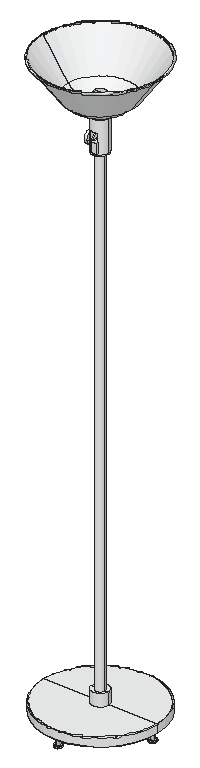
Revit family "Indoor_Floor Lamp_Santa&Cole_GATCPAC", category Luminarias, Revit 2018
Family settings
  Cota de conector redondo = Diámetro de uso
  Tipo de pieza = Normal
  Número OmniClass = 23.80.70.00
  Título OmniClass = Lighting
  Se basa en plano de trabajo = No
  Siempre vertical = Sí
  Corte con vacíos al cargar = No
  Origen de luz = Sí
  Compartido = No
  Punto de cálculo de habitación = No
Parameters
  Tilt Angle = 90.00°
  Wattage = 7.40531 W
  Technical Information = "https://www.santacole.com/recursos/productos/downloads/pdf_espec_tecnicas/GATCPAC_technical%20information.pdf"
  built-in parameter 1150110 = 1 (stored number, unit not read)
  URL = "https://www.santacole.com/en/catalogue/floor-lamps/gatcpac"
  Manufacturer website = "http://www.santacole.com"
  built-in parameter 1114217 = 1 (stored number, unit not read)
  built-in parameter 1150109 = 1 (stored number, unit not read)
  Energy Label = "https://www.santacole.com/recursos/productos/downloads/pdf_energy_label/Energy%20Label_GATPAC_without_bulb.pdf"
  Designed by = "Josep Torres Clavé. 1931"
  Contact phone = "+34.938.619.100"
  Contact e-mail = "info@santacole.com"
  built-in parameter 1150134 = (empty or 0)
  built-in parameter 1150113 = 1 (stored number, unit not read)
  Modelo = "GATCPAC"
  Fabricante = "Santa & Cole"
  Lumens = 1100 lm
  built-in parameter 1150115 = 1 (stored number, unit not read)
  built-in parameter 1150105 = 87.535 (stored number, unit not read)
  Load = 17 W
  built-in parameter 1150137 = (empty or 0)
  built-in parameter 1150139 = (empty or 0)
  built-in parameter 1150112 = 1 (stored number, unit not read)
  built-in parameter 1150114 = 1 (stored number, unit not read)
  Lamp = ""
  built-in parameter 1150132 = 2
  built-in parameter 1150102 = (empty or 0)
  built-in parameter 1150138 = (empty or 0)
  built-in parameter 1150107 = 2700 (stored number, unit not read)
  built-in parameter 1150106 = 0.87535 (stored number, unit not read)
  built-in parameter 1150104 = 13.8 (stored number, unit not read)
  Code = "TLC02"
  Dimming Lamp Color Temperature Shift = (empty or 0)
  Color Filter = 16777215
  built-in parameter 1114218 = 1 (stored number, unit not read)
  Assembly instructions - UL = "https://www.santacole.com/recursos/productos/downloads/pdf_montaje/GATCPAC_UL_im.pdf"
  Assembly instructions - CE = "https://www.santacole.com/recursos/productos/downloads/pdf_montaje/GATCPAC_im.pdf"
  Archivo de red fotométrica = "TLC02.IES"
  built-in parameter 1150133 = 10 (stored number, unit not read)
  Apparent Load = 17 VA
Reference planes
  plane 1 "Light Source Axis (F/B)": y = 0
  plane 2: z = 0
  plane 3 "Light Source Axis (L/R)": x = 0
  plane 4 "Light Source Elevation": z = 2000
Forms (mm)
  Revolve 1, solid
    sketch origin (0, 0, 0) x (1, 0, 0) y (0, 0, 1)
      loop
        line (-189, 25.5) -> (-189, 8.5) -> (-188, 8.5) -> (-195.072, 5.671)
        arc (-195.072, 5.671) -> (-195.383, 5.421) -> (-195.5, 5.039) r 0.681
        line (-195.5, 5.039) -> (-195.5, 1.8) -> (-194.7, 1.8) -> (-194.7, 0) -> (-183, 0) -> (-183, 25.5) -> (-189, 25.5)
      axis (-183, 25.5) -> (-183, 0)
    angle from 0 to 360
  Revolve 2, solid
    sketch origin (0, 0, 0) x (-1, 0, 0) y (0, 0, 1)
      loop
        line (-189, 25.5) -> (-189, 8.5) -> (-188, 8.5) -> (-195.072, 5.671)
        arc (-195.072, 5.671) -> (-195.383, 5.421) -> (-195.5, 5.039) r 0.681
        line (-195.5, 5.039) -> (-195.5, 1.8) -> (-194.7, 1.8) -> (-194.7, 0) -> (-183, 0) -> (-183, 25.5) -> (-189, 25.5)
      axis (-183, 25.5) -> (-183, 0)
    angle from 0 to 360
  Revolve 3, solid
    sketch origin (0, 0, 0) x (0, 1, 0) y (0, 0, 1)
      loop
        line (-189, 25.5) -> (-189, 8.5) -> (-188, 8.5) -> (-195.072, 5.671)
        arc (-195.072, 5.671) -> (-195.383, 5.421) -> (-195.5, 5.039) r 0.681
        line (-195.5, 5.039) -> (-195.5, 1.8) -> (-194.7, 1.8) -> (-194.7, 0) -> (-183, 0) -> (-183, 25.5) -> (-189, 25.5)
      axis (-183, 25.5) -> (-183, 0)
    angle from 0 to 360
  Revolve 4, solid
    sketch origin (0, 0, 0) x (0, -1, 0) y (0, 0, -1)
      loop
        line (-189, -25.5) -> (-183, -25.5) -> (-183, 0) -> (-194.7, 0) -> (-194.7, -1.8) -> (-195.5, -1.8) -> (-195.5, -5.039)
        arc (-195.5, -5.039) -> (-195.383, -5.421) -> (-195.072, -5.671) r 0.681
        line (-195.072, -5.671) -> (-188, -8.5) -> (-189, -8.5) -> (-189, -25.5)
      axis (-183, -25.5) -> (-183, 0)
    angle from 0 to 360
  Revolve 5, solid, material "Santa & Cole - Polished Aluminium"
    sketch origin (0, 0, 0) x (1, 0, 0) y (0, 0, 1)
      loop
        arc (-198.3, 59.5) -> (-199.502, 59.002) -> (-200, 57.8) r 1.7
        line (-200, 57.8) -> (-200, 30.5) -> (-195, 30.5) -> (-195, 25.5) -> (0, 25.5) -> (0, 1779.5) -> (-16, 1779.5) -> (-16, 99.5) -> (-29, 99.5) -> (-29, 59.5) -> (-198.3, 59.5)
      axis (0, 1779.5) -> (0, 25.5)
    angle from 0 to 360
  Revolve 6, solid, material "Santa & Cole - Polished Aluminium"
    sketch origin (0, 0, 0) x (1, 0, 0) y (0, 0, 1)
      loop
        line (-45, 1910.5) -> (-45, 1902.5) -> (-28, 1897.5) -> (-28, 1784.5) -> (0, 1784.5) -> (0, 1865.5) -> (-20, 1865.5) -> (-20, 1903.147) -> (-45, 1910.5)
      axis (0, 1784.5) -> (0, 1910.5)
    angle from 0 to 360
  Revolve 7, solid, material "Santa & Cole - Polished Aluminium"
    sketch origin (0, 0, 0) x (1, 0, 0) y (0, 0, 1)
      loop
        line (-113.09, 1951.752) -> (-200.471, 2073.062)
        arc (-200.471, 2073.062) -> (-204.998, 2071.7) -> (-200.594, 2069.984) r 2.5
        line (-200.594, 2069.984) -> (-201.356, 2070.631)
        arc (-201.356, 2070.631) -> (-203.999, 2071.66) -> (-201.283, 2072.478) r 1.5
        line (-201.283, 2072.478) -> (-113.853, 1951.101)
        arc (-113.853, 1951.101) -> (-70.66, 1920.566) -> (-20, 1905.345) r 164.244
        line (-20, 1905.345) -> (-20, 1906.353)
        arc (-20, 1906.353) -> (-70.241, 1921.474) -> (-113.09, 1951.752) r 163.245
      axis (0, 1905.345) -> (0, 2073.062)
    angle from 0 to 360
  Revolve 8, solid
    sketch origin (0, 0, 0) x (1, 0, 0) y (0, 0, 1)
      loop
        line (-19.15, 1964.353) -> (-19.15, 1922.053) -> (-17.35, 1920.853)
        arc (-17.35, 1920.853) -> (-15.547, 1912.783) -> (-10.35, 1906.353) r 18.139
        line (-10.35, 1906.353) -> (0, 1906.353) -> (0, 1964.353) -> (-19.15, 1964.353)
      axis (0, 1906.353) -> (0, 1964.353)
    angle from 0 to 360
  Extrusion 9, void
    sketch origin (0, 0, 0) x (1, 0, 0) y (0, 0, 1)
      loop
        line (-12, 1779.5) -> (12, 1779.5) -> (12, 1852.5) -> (-12, 1852.5) -> (-12, 1779.5)
    from -40 to 40
  Revolve 10, solid, material "Santa & Cole - Polished Aluminium"
    sketch origin (0, 0, 0) x (1, 0, 0) y (0, 0, 1)
      loop
        line (-28, 1784.5) -> (-28, 1779.5) -> (0, 1779.5) -> (0, 1784.5) -> (-28, 1784.5)
      axis (0, 1779.5) -> (0, 1784.5)
    angle from 0 to 360
  Revolve 11, solid, material "Santa & Cole - Polished Aluminium"
    sketch origin (0, 0, 0) x (1, 0, 0) y (0, 0, 1)
      loop
        line (-29.5, 1832.5) -> (-39.5, 1832.5) -> (-39.5, 1812.5) -> (-24.5, 1812.5) -> (-24.5, 1822.5) -> (-28.5, 1822.5)
        arc (-28.5, 1822.5) -> (-29.207, 1822.793) -> (-29.5, 1823.5) r 1
        line (-29.5, 1823.5) -> (-29.5, 1832.5)
      axis (-39.5, 1812.5) -> (-24.5, 1812.5)
    angle from 0 to 360
  Extrusion 12, solid, material "Santa & Cole - Polished Aluminium"
    sketch origin (0, 0, 0) x (0, 1, 0) y (0, 0, 1)
      loop
        arc (28, 1820.569) -> (-0.919, 1839.511) -> (-28, 1818.024) r 29.53
        line (-28, 1818.024) -> (-28, 1784.5) -> (28, 1784.5) -> (28, 1820.569)
    from -11.5 to 11.5
  Extrusion 13, void
    sketch origin (0, 0, 0) x (1, 0, 0) y (0, 0, 1)
      loop
        line (-5, 1840.05) -> (-5, 1824.299) -> (5, 1824.299) -> (5, 1840.05) -> (-5, 1840.05)
    from -40 to 40
Cuts and joins
  Extrusion 9 cuts Revolve 5
  Extrusion 9 cuts Revolve 6
  Extrusion 13 cuts Extrusion 12
Lines and regions (mm)
  model lines, style "Predeterminado", not visible
    curve 1: line (0, -3.75, 375) -> (0, 3.75, 375)
    curve 2: line (0, 3.75, 375) -> (0, -3.75, 375)
    curve 3: line (0, 15, 86.75) -> (0, -15, 86.75)
    curve 4: line (0, -10, 65) -> (0, -15, 82.176)
    curve 5: line (0, -10, 25) -> (0, -10, 65)
    curve 6: line (0, 6.344, 17.27) -> (0, 10, 25)
    curve 7: line (0, -1.951, 15.192) -> (0, 6.344, 17.27)
    curve 8: line (0, -10, 25) -> (0, -1.951, 15.192)
    curve 9: line (0, 10, 25) -> (0, 10, 65)
    curve 10: line (0, 15, 82.176) -> (0, 10, 65)
    curve 11: line (0, 15, 86.75) -> (0, -15, 86.75)
Dimensions and locks
  aligned and locked: plane 3 "Light Source Axis (L/R)" to imposter light
  aligned and locked: plane 1 "Light Source Axis (F/B)" to imposter light
  aligned and locked: plane 4 "Light Source Elevation" to imposter light
  aligned and locked: level to plane 2
